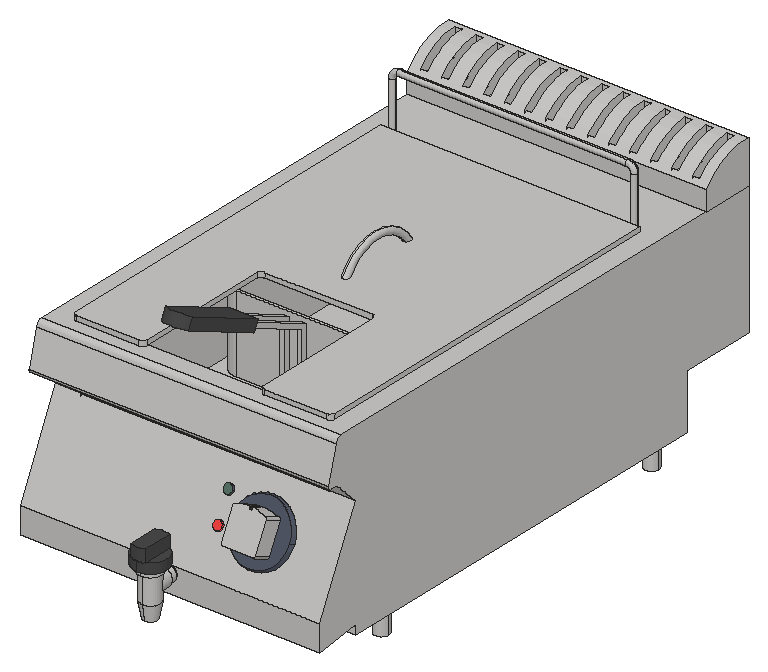
Revit family "QF_ZANUSSI_372075_Z7FRED1B00", category Specialty Equipment, Revit 2018
Family settings
  Round Connector Dimension = Use Diameter
  Part Type = Normal
  Work Plane-Based = No
  Always vertical = Yes
  Cut with Voids When Loaded = No
  Shared = No
  Room Calculation Point = No
Parameters
  Width = 400 mm  # constant formula
  Weight in Pounds = 66  # constant formula
  Weight = 0.00 kg
  Watts = 5400 W  # constant formula
  Volts = 400 V  # constant formula
  URL Manufacturer = "http://www.zanussiprofessional.com"
  URL Cutsheet = "www.electrolux.com/foodservice"
  URL = "http://www.zanussiprofessional.com"
  Type Mark [instance] = ""
  Steam Supply Size = 0"
  Steam Supply Minimum Pressure = 0.00 psi
  Steam Supply Maximum Pressure = 0.00 psi
  Steam Pounds per Hour = 0
  Status [instance] = ""
  Specification by User [instance] = ""
  Specification by Manufacturer = ""
  Show Logo [instance] = yes
  Show Clearance [instance] = yes
  Serial Number = ""
  Seismic Rating = ""
  SMACNA No = ""
  Revision Code [instance] = ""
  Refrigeration Suction Line Size = 0"
  Refrigeration Liquid Line Size = 0"
  Refrigerant Compressor Remote = yes
  Phase = 3  # constant formula
  Omniclass Number and Title = ""
  Number of Poles [instance] = 1
  NAFEM Spec ID Number = ""
  Model = "Z7FRED1B00"
  Min Ckt Ampacity = 0 A
  Max Overcurrent Protection = 0 A
  Masterspec = ""
  Manufacturer = "Zanussi"
  Length Actual = 400 mm  # constant formula
  Item Number [instance] = "372075"
  Installed By [instance] = ""
  Identify Quantity as Lot [instance] = yes
  Hot Water Size = 0"
  Height Actual = 250 mm  # constant formula
  Height = 333 mm  # constant formula
  HP = "7.2 HP"
  Gas Size = 0"
  Gas KW = 0
  Gas Input = 0.0 Btu/h
  Furnished By [instance] = ""
  Foodservice Equipment Identifier [instance] = yes
  FL Amps = if(Phase = 3, Watts / (Volts * 1.73), Watts / Volts)  # 7.80347 A
  Electrical Remarks [instance] = "400 V/3N ph/50/60 Hz"  # constant formula
  Electric Connection Type [instance] = ""
  Elec Conn RI Height [instance] = 0 mm
  Elec Conn Connection Height [instance] = 0 mm
  Direct Waste Size = 0"
  Description = "7 LITRE ELECTRIC FRYER TOP 400 MM"
  Depth Actual = 700 mm  # constant formula
  Depth = 715 mm  # constant formula
  Cycle = if([60 Hertz Option], 60 Hz, 50 Hz)  # 60 Hz
  Conn Plug = ""
  Conn Conduit = yes
  Condensate Return Size = 0"
  Compressed Air Volume = 0 GPM
  Compressed Air Size = 0"
  Compressed Air Pressure = 0.00 psi
  Cold Water Size = 0"
  CSI MasterFormat = ""
  CSI Master Format = ""
  Base Height [instance] = 25 mm  # constant formula
  Apparent Power = if(Phase = 3, Volts * FL Amps * 1.73, Volts * FL Amps)  # 5400 VA
  Accessory = yes
  60 Hertz Option = not([50 Hertz Option])  # yes
  50 Hertz Option = no
Reference planes
  plane 1 "BACK": y = 0
  plane 2: z = 0
  plane 3 "LEFT": x = 0
  plane 4 "RIGHT": x = 400
  plane 5 "FRONT": y = -715
  plane 6 "TOP": z = 333
  plane 7 "Center Y": x = 200
  plane 8 "Center X": y = -357.5
  plane 9 "BASE": z = 25
  plane 10 "TOP A": z = 275
  plane 11: y = -597.884
  plane 12: y = -147.637
Forms (mm)
  Extrusion 1, solid, material "QF_Finishes_Stainless Steel"
    sketch origin (0, 0, 0) x (0, 1, 0) y (0, 0, 1)
      loop
        line (0, 99) -> (0, 275) -> (-679.358, 275)
        arc (-679.358, 275) -> (-684.643, 272.811) -> (-686.833, 267.526) r 7.474
        line (-686.833, 267.526) -> (-699.884, 222.011)
        arc (-699.884, 222.011) -> (-699.396, 219.379) -> (-697, 218.184) r 3
        line (-697, 218.184) -> (-686.802, 218.184) -> (-654.982, 186.364) -> (-715, 65.508) -> (-715, 30.508) -> (-658.645, 38.428)
        arc (-658.645, 38.428) -> (-656.101, 37.674) -> (-655, 35.259) r 3.2
        line (-655, 35.259) -> (-655, 25) -> (-103, 25) -> (-103, 99) -> (0, 99)
    from 0 to 400
  Extrusion 2, solid, material "QF_Finishes_Stainless Steel"
    sketch origin (0, 0, 0) x (0, 1, 0) y (0, 0, 1)
      loop
        line (0, 275) -> (0, 333)
        arc (0, 333) -> (-38.715, 324.821) -> (-69.85, 300.4) r 87.358
        line (-69.85, 300.4) -> (-69.85, 275) -> (0, 275)
    from 0 to 400
  Extrusion 3, void
    sketch origin (0, 0, 275) x (-1, 0, 0) y (0, -1, 0)
      loop
        line (-33.338, 147.762) -> (-33.338, 655.762) -> (-366.662, 655.762) -> (-366.662, 147.762) -> (-33.338, 147.762)
    from 0 to -152.4
  Extrusion 4, solid, material "QF_Finishes_Stainless Steel"
    sketch origin (0, 0, 275) x (-1, 0, 0) y (0, -1, 0)
      loop
        arc (-26.988, 655.762) -> (-28.847, 660.252) -> (-33.338, 662.112) r 6.35
        line (-33.338, 662.112) -> (-115.862, 662.112)
        arc (-115.862, 662.112) -> (-120.353, 660.252) -> (-122.212, 655.762) r 6.35
        line (-122.212, 655.762) -> (-122.212, 473.637)
        arc (-122.212, 473.637) -> (-124.072, 469.146) -> (-128.562, 467.287) r 6.35
        line (-128.562, 467.287) -> (-271.412, 467.287)
        arc (-271.412, 467.287) -> (-275.903, 469.146) -> (-277.762, 473.637) r 6.35
        line (-277.762, 473.637) -> (-277.762, 655.762)
        arc (-277.762, 655.762) -> (-279.622, 660.252) -> (-284.112, 662.112) r 6.35
        line (-284.112, 662.112) -> (-366.662, 662.112)
        arc (-366.662, 662.112) -> (-371.153, 660.252) -> (-373.012, 655.762) r 6.35
        line (-373.012, 655.762) -> (-373.012, 147.762) -> (-26.988, 147.762) -> (-26.988, 655.762)
    from 0 to 6.35
  Sweep 5, solid, material "QF_Finishes_Stainless Steel"
    path origin (200, 0, 0) x (0, 1, 0) y (0, 0, 1)
      loop
        arc (-315.761, 275) -> (-370.2, 308.779) -> (-424.639, 275) r 60.757
    profile origin (200, -370.2, 308.779) x (0, 0, -1) y (1, 0, 0)
      loop
        circle (0, 0) r 4.353
  Sweep 6, solid, material "QF_Finishes_Stainless Steel"
    path origin (0, 0, 0) x (1, 0, 0) y (0, 0, 1)
      loop
        line (39.688, 274.625) -> (39.688, 339.35)
        arc (39.688, 339.35) -> (41.547, 343.84) -> (46.038, 345.7) r 6.35
        line (46.038, 345.7) -> (352.25, 345.7)
        arc (352.25, 345.7) -> (356.74, 343.84) -> (358.6, 339.35) r 6.35
        line (358.6, 339.35) -> (358.6, 274.625)
    profile origin (39.688, 0, 306.987) x (-1, 0, 0) y (0, -1, 0)
      loop
        circle (2.09, 140.754) r 3.827
  Extrusion 7, void
    sketch origin (0, 0, 275) x (-1, 0, 0) y (0, -1, 0)
      loop
        line (-13.453, 6.761) -> (-13.453, 63.911) -> (-22.749, 63.911) -> (-22.749, 6.761) -> (-13.453, 6.761)
    from 25.4 to 63.5
  Extrusion 8, void
    sketch origin (400.05, 0, 275) x (1, 0, 0) y (0, 1, 0)
      loop
        line (-13.503, -6.761) -> (-22.799, -6.761) -> (-22.799, -63.911) -> (-13.503, -63.911) -> (-13.503, -6.761)
    from 25.4 to 63.5
  Extrusion 9, void
    sketch origin (27.988, 0, 275) x (-1, 0, 0) y (0, -1, 0)
      loop
        line (-13.453, 6.761) -> (-13.453, 63.911) -> (-22.749, 63.911) -> (-22.749, 6.761) -> (-13.453, 6.761)
    from 25.4 to 63.5
  Extrusion 10, void
    sketch origin (55.977, 0, 275) x (-1, 0, 0) y (0, -1, 0)
      loop
        line (-13.453, 6.761) -> (-13.453, 63.911) -> (-22.749, 63.911) -> (-22.749, 6.761) -> (-13.453, 6.761)
    from 25.4 to 63.5
  Extrusion 11, void
    sketch origin (83.965, 0, 275) x (-1, 0, 0) y (0, -1, 0)
      loop
        line (-13.428, 6.761) -> (-13.428, 63.911) -> (-22.724, 63.911) -> (-22.724, 6.761) -> (-13.428, 6.761)
    from 25.4 to 63.5
  Extrusion 12, void
    sketch origin (111.953, 0, 275) x (-1, 0, 0) y (0, -1, 0)
      loop
        line (-13.428, 6.761) -> (-13.428, 63.911) -> (-22.724, 63.911) -> (-22.724, 6.761) -> (-13.428, 6.761)
    from 25.4 to 63.5
  Extrusion 13, void
    sketch origin (139.942, 0, 275) x (-1, 0, 0) y (0, -1, 0)
      loop
        line (-13.428, 6.761) -> (-13.428, 63.911) -> (-22.724, 63.911) -> (-22.724, 6.761) -> (-13.428, 6.761)
    from 25.4 to 63.5
  Extrusion 14, void
    sketch origin (167.93, 0, 275) x (-1, 0, 0) y (0, -1, 0)
      loop
        line (-13.428, 6.761) -> (-13.428, 63.911) -> (-22.724, 63.911) -> (-22.724, 6.761) -> (-13.428, 6.761)
    from 25.4 to 63.5
  Extrusion 15, void
    sketch origin (195.918, 0, 275) x (-1, 0, 0) y (0, -1, 0)
      loop
        line (-13.428, 6.761) -> (-13.428, 63.911) -> (-22.724, 63.911) -> (-22.724, 6.761) -> (-13.428, 6.761)
    from 25.4 to 63.5
  Extrusion 16, void
    sketch origin (223.907, 0, 275) x (-1, 0, 0) y (0, -1, 0)
      loop
        line (-13.428, 6.761) -> (-13.428, 63.911) -> (-22.724, 63.911) -> (-22.724, 6.761) -> (-13.428, 6.761)
    from 25.4 to 63.5
  Extrusion 17, void
    sketch origin (251.895, 0, 275) x (-1, 0, 0) y (0, -1, 0)
      loop
        line (-13.428, 6.761) -> (-13.428, 63.911) -> (-22.724, 63.911) -> (-22.724, 6.761) -> (-13.428, 6.761)
    from 25.4 to 63.5
  Extrusion 18, void
    sketch origin (279.884, 0, 275) x (-1, 0, 0) y (0, -1, 0)
      loop
        line (-13.403, 6.761) -> (-13.403, 63.911) -> (-22.699, 63.911) -> (-22.699, 6.761) -> (-13.403, 6.761)
    from 25.4 to 63.5
  Extrusion 19, void
    sketch origin (307.872, 0, 275) x (-1, 0, 0) y (0, -1, 0)
      loop
        line (-13.403, 6.761) -> (-13.403, 63.911) -> (-22.699, 63.911) -> (-22.699, 6.761) -> (-13.403, 6.761)
    from 25.4 to 63.5
  Extrusion 20, void
    sketch origin (335.86, 0, 275) x (-1, 0, 0) y (0, -1, 0)
      loop
        line (-13.403, 6.761) -> (-13.403, 63.911) -> (-22.699, 63.911) -> (-22.699, 6.761) -> (-13.403, 6.761)
    from 25.4 to 63.5
  Extrusion 21, solid, material "QF_Finishes_Stainless Steel"
    sketch origin (0, 0, 0) x (1, 0, 0) y (0, 1, 0)
      loop
        circle (11.112, -147.638) r 9.525
      loop
        circle (11.112, -597.884) r 9.525
      loop
        circle (388.887, -147.638) r 9.525
      loop
        circle (388.887, -597.884) r 9.525
    from 0 to 25
  Revolve 22, solid, material "QF_Finishes_Stainless Steel"
    sketch origin (200.025, 0, 0) x (0, 1, 0) y (0, 0, 1)
      loop
        line (-747.926, 16.877) -> (-738.917, 16.877) -> (-735.301, 37.388) -> (-735.301, 73.729) -> (-732.023, 73.729) -> (-732.023, 81.608) -> (-725.673, 81.608) -> (-725.673, 94.308) -> (-747.926, 94.308) -> (-747.926, 16.877)
      axis (-747.926, 16.877) -> (-747.926, 94.308)
    angle from 0 to 360
  Revolve 23, solid, material "QF_Finishes_Stainless Steel"
    sketch origin (200.025, 0, 0) x (0, 1, 0) y (0, 0, 1)
      loop
        line (-698.522, 56.75) -> (-749.322, 56.75) -> (-749.322, 44.447) -> (-727.357, 44.447) -> (-727.357, 46.149) -> (-718.364, 46.149) -> (-718.364, 48.196) -> (-698.522, 48.196) -> (-698.522, 56.75)
      axis (-749.322, 56.75) -> (-698.522, 56.75)
    angle from 0 to 360
  Extrusion 24, solid, material "QF_Finishes_Black"
    sketch origin (200.025, -747.926, 94.308) x (0, 1, 0) y (-1, 0, 0)
      loop
        line (20.063, 9.626) -> (-20.063, 9.626)
        arc (-20.063, 9.626) -> (-22.253, 0) -> (-20.063, -9.626) r 22.253
        line (-20.063, -9.626) -> (20.063, -9.626)
        arc (20.063, -9.626) -> (22.253, 0) -> (20.063, 9.626) r 22.253
    from 0 to 16.412
  Extrusion 25, solid, material "QF_Finishes_Stainless Steel"
    sketch origin (0, -101.6, 102.788) x (0, 0, -1) y (-1, 0, 0)
      loop
        circle (43.882, -336.5) r 12.7
    from 0 to 12.7
  Extrusion 26, solid, material "QF_Finishes_Clearance", visible <- "Show Clearance", detail levels coarse
    sketch origin (0, 0, 0) x (1, 0, 0) y (0, 1, 0)
      loop
        line (0, -715) -> (0, 0) -> (400, 0) -> (400, -715) -> (550.019, -715) -> (550.019, 150.019) -> (-150.019, 150.019) -> (-150.019, -715) -> (0, -715)
    from 0 to 333
  Extrusion 27, solid, material "QF_Finishes_Black"
    sketch origin (265.962, -708.83, 366.66) x (0, 0.906308, -0.422618) y (-1, 0, 0)
      loop
        line (10.103, 47.345) -> (128.716, 47.345) -> (128.716, 84.58) -> (10.103, 84.58)
        arc (10.103, 84.58) -> (-0.124, 65.962) -> (10.103, 47.345) r 22.059
    from -15.884 to 0
  Extrusion 28, solid, material "QF_Finishes_Stainless Steel"
    sketch origin (265.962, 41.275, 0) x (0, 1, 0) y (0, 0, 1)
      loop
        line (-547.91, 166) -> (-547.91, 267.478) -> (-635.463, 308.305) -> (-638.147, 302.55) -> (-554.26, 263.433) -> (-554.26, 166) -> (-547.91, 166)
    from -80.476 to -74.619
  Extrusion 29, solid, material "QF_Finishes_Stainless Steel"
    sketch origin (134.088, 41.275, 0) x (0, 1, 0) y (0, 0, -1)
      loop
        line (-554.26, -263.433) -> (-638.147, -302.55) -> (-635.463, -308.305) -> (-547.91, -267.478) -> (-547.91, -166) -> (-554.26, -166) -> (-554.26, -263.433)
    from -80.476 to -74.619
  Extrusion 30, solid, material "QF_Finishes_Mesh"
    sketch origin (0, 0, 274.638) x (-1, 0, 0) y (0, -1, 0)
      loop
        arc (-116.6, 189.135) -> (-98.64, 196.575) -> (-91.2, 214.535) r 25.4
        line (-91.2, 214.535) -> (-91.2, 473.61)
        arc (-91.2, 473.61) -> (-98.64, 491.571) -> (-116.6, 499.01) r 25.4
        line (-116.6, 499.01) -> (-294.375, 499.01)
        arc (-294.375, 499.01) -> (-312.336, 491.571) -> (-319.775, 473.61) r 25.4
        line (-319.775, 473.61) -> (-319.775, 214.535)
        arc (-319.775, 214.535) -> (-312.336, 196.575) -> (-294.375, 189.135) r 25.4
        line (-294.375, 189.135) -> (-116.6, 189.135)
      loop
        arc (-116.6, 192.31) -> (-100.885, 198.82) -> (-94.375, 214.535) r 22.225
        line (-94.375, 214.535) -> (-94.375, 473.61)
        arc (-94.375, 473.61) -> (-100.885, 489.326) -> (-116.6, 495.835) r 22.225
        line (-116.6, 495.835) -> (-294.375, 495.835)
        arc (-294.375, 495.835) -> (-310.091, 489.326) -> (-316.6, 473.61) r 22.225
        line (-316.6, 473.61) -> (-316.6, 214.535)
        arc (-316.6, 214.535) -> (-310.091, 198.82) -> (-294.375, 192.31) r 22.225
        line (-294.375, 192.31) -> (-116.6, 192.31)
    from -109 to -5.315
  Blend 31, solid, material "QF_Finishes_Navy Blue"
    base sketch origin (299.362, -684.991, 125.936) x (1, 0, 0) y (0, 0.444781, 0.895639)
      loop
        circle (0, 0) r 42.5
    top sketch origin (299.362, -684.991, 125.936) x (1, 0, 0) y (0, 0.444781, 0.895639)
      loop
        circle (0, 0) r 40.5
    from 0 to 5
  Extrusion 32, solid, material "QF_Finishes_Stainless Steel"
    sketch origin (299.362, -684.991, 125.936) x (1, 0, 0) y (0, 0.444781, 0.895639)
      loop
        arc (-21.147, 22.789) -> (-22.494, 21.685) -> (-23, 20.019) r 2.997
        line (-23, 20.019) -> (-23, -20.019)
        arc (-23, -20.019) -> (-22.122, -22.138) -> (-20.003, -23.016) r 2.997
        line (-20.003, -23.016) -> (20.003, -23.016)
        arc (20.003, -23.016) -> (22.122, -22.138) -> (23, -20.019) r 2.997
        line (23, -20.019) -> (23, 20.019)
        arc (23, 20.019) -> (22.494, 21.685) -> (21.147, 22.789) r 2.997
        arc (21.147, 22.789) -> (0, 26.984) -> (-21.147, 22.789) r 55.4
    from 10 to 34
  Extrusion 33, solid, material "QF_Plastic-Black-Matte"
    sketch origin (379.362, -684.991, 125.936) x (0, 0.444781, 0.895639) y (0, -0.895639, 0.444781)
      loop
        line (26.984, 34) -> (26.984, 19) -> (27.984, 19) -> (27.984, 34)
        arc (27.984, 34) -> (27.691, 34.707) -> (26.984, 35) r 1
        line (26.984, 35) -> (23.984, 35) -> (23.984, 34) -> (26.984, 34)
    from -81 to -79
  Extrusion 34, solid, material "QF_Finishes_Red"
    sketch origin (299.362, -689.439, 116.98) x (1, 0, 0) y (0, 0.444781, 0.895639)
      loop
        circle (-55.001, 0) r 6
    from 0 to 1.6
  Extrusion 35, solid, material "QF_Finishes_Stainless Steel"
    sketch origin (299.362, -684.991, 125.936) x (1, 0, 0) y (0, 0.444781, 0.895639)
      loop
        line (17.5, 17.5) -> (-17.5, 17.5) -> (-17.5, -17.5) -> (17.5, -17.5) -> (17.5, 17.5)
    from 5 to 10
  Extrusion 36, solid, material "QF_Finishes_DarkGreen"
    sketch origin (299.362, -671.648, 152.805) x (1, 0, 0) y (0, 0.444781, 0.895639)
      loop
        circle (-55.001, 0) r 6
    from 0 to 1.6
Cuts and joins
  Extrusion 3, Extrusion 7 cuts Extrusion 1
  joined: Extrusion 4, Sweep 5
  Extrusion 7, Extrusion 8, Extrusion 9, Extrusion 10, Extrusion 11, Extrusion 12, Extrusion 13, Extrusion 14, Extrusion 15, Extrusion 16, Extrusion 17, Extrusion 18, Extrusion 19, Extrusion 20 cuts Extrusion 2
Lines and regions (mm)
  Split face 1
    outline origin (301.026, -684.796, 137.57) x (1, 0, 0) y (0, 0.444781, 0.895639)
      loop
        circle (-34, 0) r 1.5
  Split face 2
    outline origin (297.659, -687.581, 131.962) x (1, 0, 0) y (0, 0.444781, 0.895639)
      loop
        circle (-30.633, -14.752) r 1.5
  Split face 3
    outline origin (300.576, -689.88, 127.332) x (1, 0, 0) y (0, 0.444781, 0.895639)
      loop
        circle (-21.199, -26.582) r 1.5
  Split face 4
    outline origin (306.928, -689.848, 127.397) x (1, 0, 0) y (0, 0.444781, 0.895639)
      loop
        circle (-7.566, -33.148) r 1.5
  Split face 5
    outline origin (311.781, -686.96, 133.212) x (1, 0, 0) y (0, 0.444781, 0.895639)
      loop
        circle (7.566, -33.148) r 1.5
  Split face 6
    outline origin (310.499, -682.319, 142.558) x (1, 0, 0) y (0, 0.444781, 0.895639)
      loop
        circle (21.199, -26.582) r 1.5
  Split face 7
    outline origin (300.862, -678.264, 150.724) x (1, 0, 0) y (0, 0.444781, 0.895639)
      loop
        circle (30.633, -14.752) r 1.5
  Split face 8
    outline origin (285.347, -677.235, 152.796) x (1, 0, 0) y (0, 0.444781, 0.895639)
      loop
        circle (34, 0) r 1.5
  Split face 9
    outline origin (299.362, -689.469, 128.16) x (1, 0, 0) y (0, 0.444781, 0.895639)
      loop
        circle (0, 33.561) r 1.5
  symbolic lines, style "QF-Clearances", visible <- "Show Clearance", detail levels coarse
    curve 1: line (-150.019, 150.019, 275) -> (-150.019, -716.377, 275)
    curve 2: line (550.019, 150.019, 275) -> (-150.019, 150.019, 275)
    curve 3: line (550.019, -716.377, 275) -> (550.019, 150.019, 275)
  symbolic lines
    curve 4: line (0, 0, 275) -> (400, 0, 275)
    curve 5: line (0, -715, 275) -> (0, 0, 275)
    curve 6: line (400, 0, 275) -> (400, -715, 275)
    curve 7: line (22.724, -6.761, 275) -> (22.724, -63.911, 275)
    curve 8: line (22.724, -63.911, 275) -> (13.428, -63.911, 275)
    curve 9: line (13.428, -63.911, 275) -> (13.428, -6.761, 275)
    curve 10: line (13.428, -6.761, 275) -> (22.724, -6.761, 275)
    curve 11: line (386.547, -6.761, 275) -> (386.547, -63.911, 275)
    curve 12: line (386.547, -63.911, 275) -> (377.251, -63.911, 275)
    curve 13: line (377.251, -63.911, 275) -> (377.251, -6.761, 275)
    curve 14: line (377.251, -6.761, 275) -> (386.547, -6.761, 275)
    curve 15: line (50.712, -6.761, 275) -> (50.712, -63.911, 275)
    curve 16: line (50.712, -63.911, 275) -> (41.416, -63.911, 275)
    curve 17: line (41.416, -63.911, 275) -> (41.416, -6.761, 275)
    curve 18: line (41.416, -6.761, 275) -> (50.712, -6.761, 275)
    curve 19: line (78.7, -6.761, 275) -> (78.7, -63.911, 275)
    curve 20: line (78.7, -63.911, 275) -> (69.405, -63.911, 275)
    curve 21: line (69.405, -63.911, 275) -> (69.405, -6.761, 275)
    curve 22: line (69.405, -6.761, 275) -> (78.7, -6.761, 275)
    curve 23: line (106.689, -6.761, 275) -> (106.689, -63.911, 275)
    curve 24: line (106.689, -63.911, 275) -> (97.393, -63.911, 275)
    curve 25: line (97.393, -63.911, 275) -> (97.393, -6.761, 275)
    curve 26: line (97.393, -6.761, 275) -> (106.689, -6.761, 275)
    curve 27: line (134.677, -6.761, 275) -> (134.677, -63.911, 275)
    curve 28: line (134.677, -63.911, 275) -> (125.381, -63.911, 275)
    curve 29: line (125.381, -63.911, 275) -> (125.381, -6.761, 275)
    curve 30: line (125.381, -6.761, 275) -> (134.677, -6.761, 275)
    curve 31: line (162.665, -6.761, 275) -> (162.665, -63.911, 275)
    curve 32: line (162.665, -63.911, 275) -> (153.37, -63.911, 275)
    curve 33: line (153.37, -63.911, 275) -> (153.37, -6.761, 275)
    curve 34: line (153.37, -6.761, 275) -> (162.665, -6.761, 275)
    curve 35: line (190.654, -6.761, 275) -> (190.654, -63.911, 275)
    curve 36: line (190.654, -63.911, 275) -> (181.358, -63.911, 275)
    curve 37: line (181.358, -63.911, 275) -> (181.358, -6.761, 275)
    curve 38: line (181.358, -6.761, 275) -> (190.654, -6.761, 275)
    curve 39: line (218.642, -6.761, 275) -> (218.642, -63.911, 275)
    curve 40: line (218.642, -63.911, 275) -> (209.346, -63.911, 275)
    curve 41: line (209.346, -63.911, 275) -> (209.346, -6.761, 275)
    curve 42: line (209.346, -6.761, 275) -> (218.642, -6.761, 275)
    curve 43: line (246.605, -6.761, 275) -> (246.605, -63.911, 275)
    curve 44: line (246.605, -63.911, 275) -> (237.31, -63.911, 275)
    curve 45: line (237.31, -63.911, 275) -> (237.31, -6.761, 275)
    curve 46: line (237.31, -6.761, 275) -> (246.605, -6.761, 275)
    curve 47: line (274.594, -6.761, 275) -> (274.594, -63.911, 275)
    curve 48: line (274.594, -63.911, 275) -> (265.298, -63.911, 275)
    curve 49: line (265.298, -63.911, 275) -> (265.298, -6.761, 275)
    curve 50: line (265.298, -6.761, 275) -> (274.594, -6.761, 275)
    curve 51: line (302.582, -6.761, 275) -> (302.582, -63.911, 275)
    curve 52: line (302.582, -63.911, 275) -> (293.286, -63.911, 275)
    curve 53: line (293.286, -63.911, 275) -> (293.286, -6.761, 275)
    curve 54: line (293.286, -6.761, 275) -> (302.582, -6.761, 275)
    curve 55: line (330.57, -6.761, 275) -> (330.57, -63.911, 275)
    curve 56: line (330.57, -63.911, 275) -> (321.275, -63.911, 275)
    curve 57: line (321.275, -63.911, 275) -> (321.275, -6.761, 275)
    curve 58: line (321.275, -6.761, 275) -> (330.57, -6.761, 275)
    curve 59: line (358.559, -6.761, 275) -> (358.559, -63.911, 275)
    curve 60: line (358.559, -63.911, 275) -> (349.263, -63.911, 275)
    curve 61: line (349.263, -63.911, 275) -> (349.263, -6.761, 275)
    curve 62: line (349.263, -6.761, 275) -> (358.559, -6.761, 275)
    curve 63: line (26.988, -147.762, 275) -> (26.988, -655.762, 275)
    curve 64: arc (26.988, -655.762, 275) -> (28.847, -660.252, 275) -> (33.338, -662.112, 275) r 6.35
    curve 65: line (33.338, -662.112, 275) -> (115.863, -662.112, 275)
    curve 66: arc (115.863, -662.112, 275) -> (120.353, -660.252, 275) -> (122.213, -655.762, 275) r 6.35
    curve 67: line (122.213, -655.762, 275) -> (122.213, -473.512, 275)
    curve 68: arc (122.212, -473.512, 275) -> (124.072, -469.021, 275) -> (128.562, -467.162, 275) r 6.35
    curve 69: line (128.562, -467.162, 275) -> (271.412, -467.162, 275)
    curve 70: arc (271.412, -467.162, 275) -> (275.903, -469.021, 275) -> (277.762, -473.512, 275) r 6.35
    curve 71: line (277.762, -473.512, 275) -> (277.762, -655.762, 275)
    curve 72: arc (277.762, -655.762, 275) -> (279.622, -660.252, 275) -> (284.112, -662.112, 275) r 6.35
    curve 73: line (284.112, -662.112, 275) -> (366.662, -662.112, 275)
    curve 74: arc (366.662, -662.112, 275) -> (371.153, -660.252, 275) -> (373.012, -655.762, 275) r 6.35
    curve 75: line (373.012, -655.762, 275) -> (373.012, -147.762, 275)
    curve 76: line (373.012, -147.762, 275) -> (26.988, -147.762, 275)
    curve 77: line (31.725, -69.85, 275) -> (0, -69.85, 275)
    curve 78: line (0, -69.85, 275) -> (0, -120.65, 275)
    curve 79: line (0, -69.85, 275) -> (400, -69.85, 275)
    curve 80: line (201.587, -147.762, 275) -> (366.662, -147.762, 275)
    curve 81: line (33.338, -147.762, 275) -> (198.412, -147.762, 275)
    curve 82: line (218.617, -706.386, 275) -> (218.617, -592.174, 275)
    curve 83: line (181.383, -592.174, 275) -> (181.383, -706.386, 275)
    curve 84: line (218.617, -592.174, 275) -> (181.383, -592.174, 275)
    curve 85: spline (218.617, -706.386, 275) -> (216.385, -709.048, 275) -> (213.694, -711.336, 275) -> (210.621, -713.185, 275) -> (207.25, -714.544, 275) -> (203.676, -715.375, 275) -> (200, -715.655, 275) -> (196.324, -715.375, 275) -> (192.75, -714.544, 275) -> (189.379, -713.185, 275) -> (186.306, -711.336, 275) -> (183.615, -709.048, 275) -> (181.383, -706.386, 275)
    curve 86: line (218.617, -655.762, 275) -> (277.762, -655.762, 275)
    curve 87: line (181.383, -655.762, 275) -> (122.213, -655.762, 275)
    curve 88: line (191.318, -499.01, 275) -> (191.318, -592.174, 275)
    curve 89: line (185.462, -592.174, 275) -> (185.462, -499.01, 275)
    curve 90: line (214.538, -499.01, 275) -> (214.538, -592.174, 275)
    curve 91: line (208.682, -592.174, 275) -> (208.682, -499.01, 275)
    curve 92: spline (181.383, -699.673, 275) -> (183.615, -702.336, 275) -> (186.306, -704.623, 275) -> (189.379, -706.473, 275) -> (192.75, -707.832, 275) -> (196.324, -708.663, 275) -> (200, -708.942, 275) -> (203.676, -708.663, 275) -> (207.25, -707.832, 275) -> (210.621, -706.473, 275) -> (213.694, -704.623, 275) -> (216.385, -702.336, 275) -> (218.617, -699.673, 275)
    curve 93: line (195.545, -420.932, 275) -> (195.545, -319.469, 275)
    curve 94: line (204.443, -319.469, 275) -> (204.443, -420.932, 275)
    curve 95: arc (195.545, -420.932, 275) -> (199.994, -425.382, 275) -> (204.443, -420.932, 275) r 4.449
    curve 96: arc (195.545, -319.469, 275) -> (199.994, -315.02, 275) -> (204.443, -319.469, 275) r 4.449
    curve 97: line (400, -715, 275) -> (322.362, -715, 275)
    curve 98: line (37.598, -136.927, 275) -> (362.402, -136.927, 275)
    curve 99: line (37.598, -144.582, 275) -> (37.598, -136.927, 275)
    curve 100: line (362.402, -144.582, 275) -> (37.598, -144.582, 275)
    curve 101: line (362.402, -136.927, 275) -> (362.402, -144.582, 275)
    curve 102: line (122.213, -499.01, 275) -> (277.762, -499.01, 275)
    curve 103: line (122.213, -495.835, 275) -> (277.762, -495.835, 275)
    curve 104: arc (200, -770.179, 275) -> (222.253, -747.926, 275) -> (200, -725.673, 275) r 22.253
    curve 105: arc (200, -725.673, 275) -> (177.747, -747.926, 275) -> (200, -770.179, 275) r 22.253
    curve 106: line (190.374, -727.863, 275) -> (190.374, -767.989, 275)
    curve 107: line (209.626, -767.989, 275) -> (209.626, -727.863, 275)
    curve 108: line (210.947, -728.552, 275) -> (210.947, -715, 275)
    curve 109: line (189.208, -728.465, 275) -> (189.208, -715, 275)
    curve 110: line (276.362, -700, 0) -> (276.362, -724.347, 0)
    curve 111: arc (276.362, -724.347, 0) -> (276.508, -724.811, 0) -> (276.894, -725.107, 0) r 0.809
    curve 112: arc (276.894, -725.107, 0) -> (278.082, -725.587, 0) -> (279.359, -725.68, 0) r 4.127
    curve 113: arc (276.362, -704.292, 0) -> (271.321, -702.458, 0) -> (266.553, -700, 0) r 42.24
    curve 114: arc (276.362, -706.539, 0) -> (276.864, -705.818, 0) -> (277.661, -705.448, 0) r 1.682
    curve 115: arc (277.661, -705.448, 0) -> (287.964, -703.95, 0) -> (298.362, -703.441, 0) r 109.079
    curve 116: line (298.362, -700, 0) -> (298.362, -705.671, 0)
    curve 117: line (298.362, -705.671, 0) -> (300.362, -705.671, 0)
    curve 118: line (300.362, -705.671, 0) -> (300.362, -700, 0)
    curve 119: line (322.362, -700, 0) -> (322.362, -724.347, 0)
    curve 120: arc (322.362, -724.347, 0) -> (322.216, -724.811, 0) -> (321.83, -725.107, 0) r 0.809
    curve 121: arc (321.83, -725.107, 0) -> (320.642, -725.587, 0) -> (319.365, -725.68, 0) r 4.127
    curve 122: arc (322.362, -704.292, 0) -> (327.403, -702.458, 0) -> (332.171, -700, 0) r 42.24
    curve 123: arc (322.362, -706.539, 0) -> (321.86, -705.818, 0) -> (321.062, -705.448, 0) r 1.682
    curve 124: arc (321.062, -705.448, 0) -> (310.76, -703.95, 0) -> (300.362, -703.441, 0) r 109.079
    curve 125: line (279.359, -725.68, 0) -> (319.365, -725.68, 0)
    curve 126: line (276.362, -715, 275) -> (205.6, -715, 275)
    curve 127: line (194.4, -715, 275) -> (0, -715, 275)
    curve 128: line (400, -700, 275) -> (218.617, -700, 275)
    curve 129: line (181.383, -700, 275) -> (0, -700, 275)
Dimensions and locks
  equal spacing: plane 3 "LEFT", plane 7 "Center Y", plane 4 "RIGHT"
  "Width": plane 3 "LEFT" to plane 4 "RIGHT"
  equal spacing: plane 5 "FRONT", plane 8 "Center X", plane 1 "BACK"
  "Depth": plane 5 "FRONT" to plane 1 "BACK"
  "Height": plane 6 "TOP" to level
  "Base Height": plane 9 "BASE" to level
  plane 1 "BACK" to plane 5 "FRONT" = 715 mm
  plane 10 "TOP A" to plane 9 "BASE" = 250 mm
  aligned and locked: level to plane 2
  aligned and locked: plane 4 "RIGHT" to Extrusion 1
  aligned and locked: plane 4 "RIGHT" to Extrusion 2
  aligned and locked: plane 9 "BASE" to Extrusion 21
  aligned and locked: plane 6 "TOP" to Extrusion 26
Automatic sketch dimensions
  Sweep 5 sketch curve to plane 10 "TOP A" = 0 mm  (x2)
  Sweep 5 sketch curve to plane 8 "Center X" = 67.139 mm
  Sweep 5 sketch curve to plane 8 "Center X" = 12.7 mm
  Sweep 5 sketch curve to plane 10 "TOP A" = 26.978 mm
  Sweep 5 sketch curve to plane 7 "Center Y" = 0 mm
  Sweep 5 sketch curve to profile plane = 0 mm
  plane 1 "BACK" to Extrusion 7 sketch curve = 6.761 mm
  plane 3 "LEFT" to Extrusion 7 sketch curve = 22.749 mm
  Extrusion 7 sketch curve to Extrusion 7 sketch curve = 9.296 mm
  Extrusion 7 sketch curve to Extrusion 7 sketch curve = 57.15 mm
  plane 1 "BACK" to Extrusion 9 sketch curve = 6.761 mm
  plane 3 "LEFT" to Extrusion 9 sketch curve = 50.737 mm
  Extrusion 9 sketch curve to Extrusion 9 sketch curve = 9.296 mm
  Extrusion 9 sketch curve to Extrusion 9 sketch curve = 57.15 mm
  plane 1 "BACK" to Extrusion 10 sketch curve = 6.761 mm
  plane 3 "LEFT" to Extrusion 10 sketch curve = 78.725 mm
  Extrusion 10 sketch curve to Extrusion 10 sketch curve = 9.296 mm
  Extrusion 10 sketch curve to Extrusion 10 sketch curve = 57.15 mm
  plane 1 "BACK" to Extrusion 11 sketch curve = 6.761 mm
  Extrusion 11 sketch curve to plane 7 "Center Y" = 93.311 mm
  Extrusion 11 sketch curve to Extrusion 11 sketch curve = 9.296 mm
  Extrusion 11 sketch curve to Extrusion 11 sketch curve = 57.15 mm
  plane 1 "BACK" to Extrusion 12 sketch curve = 6.761 mm
  Extrusion 12 sketch curve to plane 7 "Center Y" = 65.323 mm
  Extrusion 12 sketch curve to Extrusion 12 sketch curve = 9.296 mm
  Extrusion 12 sketch curve to Extrusion 12 sketch curve = 57.15 mm
  plane 1 "BACK" to Extrusion 13 sketch curve = 6.761 mm
  Extrusion 13 sketch curve to plane 7 "Center Y" = 37.335 mm
  Extrusion 13 sketch curve to Extrusion 13 sketch curve = 9.296 mm
  Extrusion 13 sketch curve to Extrusion 13 sketch curve = 57.15 mm
  Extrusion 14 sketch curve to plane 7 "Center Y" = 9.346 mm
  Extrusion 14 sketch curve to Extrusion 14 sketch curve = 9.296 mm
  plane 1 "BACK" to Extrusion 14 sketch curve = 6.761 mm
  Extrusion 14 sketch curve to Extrusion 14 sketch curve = 57.15 mm
  plane 1 "BACK" to Extrusion 15 sketch curve = 6.761 mm
  plane 7 "Center Y" to Extrusion 15 sketch curve = 18.642 mm
  Extrusion 15 sketch curve to Extrusion 15 sketch curve = 9.296 mm
  Extrusion 15 sketch curve to Extrusion 15 sketch curve = 57.15 mm
  plane 1 "BACK" to Extrusion 16 sketch curve = 6.761 mm
  plane 7 "Center Y" to Extrusion 16 sketch curve = 46.63 mm
  Extrusion 16 sketch curve to Extrusion 16 sketch curve = 9.296 mm
  Extrusion 16 sketch curve to Extrusion 16 sketch curve = 57.15 mm
  plane 1 "BACK" to Extrusion 17 sketch curve = 6.761 mm
  plane 7 "Center Y" to Extrusion 17 sketch curve = 74.619 mm
  Extrusion 17 sketch curve to Extrusion 17 sketch curve = 9.296 mm
  Extrusion 17 sketch curve to Extrusion 17 sketch curve = 57.15 mm
  Extrusion 27 sketch curve to plane 7 "Center Y" = 0 mm
  plane 7 "Center Y" to Extrusion 27 sketch curve = 18.617 mm
  Extrusion 27 sketch curve to plane 7 "Center Y" = 18.617 mm
  Extrusion 27 sketch curve to Extrusion 27 sketch curve = 11.832 mm
  Extrusion 27 sketch curve to Extrusion 27 sketch curve = 106.78 mm
  Extrusion 28 sketch curve to plane 11 = 1.013 mm
  Extrusion 28 sketch curve to plane 11 = 3.696 mm
  Extrusion 28 sketch curve to plane 10 "TOP A" = 11.567 mm
  Extrusion 28 sketch curve to plane 11 = 84.899 mm
  Extrusion 28 sketch curve to plane 10 "TOP A" = 7.522 mm
  Extrusion 28 sketch curve to Extrusion 28 sketch curve = 6.35 mm
  Extrusion 28 sketch curve to Extrusion 28 sketch curve = 97.432 mm
  Extrusion 29 sketch curve to plane 11 = 1.013 mm
  Extrusion 29 sketch curve to plane 11 = 3.696 mm
  Extrusion 29 sketch curve to plane 10 "TOP A" = 11.567 mm
  Extrusion 29 sketch curve to plane 11 = 84.899 mm
  Extrusion 29 sketch curve to Extrusion 29 sketch curve = 6.35 mm
  Extrusion 29 sketch curve to plane 10 "TOP A" = 7.522 mm
  Extrusion 29 sketch curve to Extrusion 29 sketch curve = 97.432 mm
  plane 3 "LEFT" to Blend 31 sketch curve = 299.362 mm  (x2)
  plane 3 "LEFT" to Extrusion 32 sketch curve = 276.362 mm
  Extrusion 32 sketch curve to Extrusion 32 sketch curve = 2.997 mm  (x3)
  Extrusion 32 sketch curve to Extrusion 32 sketch curve = 20.003 mm  (x2)
  Extrusion 32 sketch curve to Extrusion 32 sketch curve = 40.005 mm
  Extrusion 32 sketch curve to Extrusion 32 sketch curve = 5.399 mm
  Extrusion 32 sketch curve to Extrusion 32 sketch curve = 40.037 mm
  Extrusion 32 sketch curve to Extrusion 32 sketch curve = 0 mm  (x2)
  plane 3 "LEFT" to Extrusion 34 sketch curve = 244.361 mm
  plane 3 "LEFT" to Extrusion 35 sketch curve = 281.862 mm
  Extrusion 35 sketch curve to Extrusion 35 sketch curve = 35 mm  (x2)
  plane 3 "LEFT" to Extrusion 36 sketch curve = 244.361 mm
  plane 7 "Center Y" to curve 111 = 77.171 mm
  curve 111 to curve 114 = 0.774 mm
  curve 111 to curve 112 = 1.846 mm
  curve 114 to curve 113 = 10.309 mm
  plane 7 "Center Y" to curve 115 = 98.493 mm
  curve 115 to curve 124 = 1.738 mm
  curve 113 to curve 122 = 22.215 mm
  curve 112 to curve 121 = 40.691 mm
  curve 121 to curve 123 = 1.071 mm
  plane 5 "FRONT" to curve 115 = 97.519 mm
  curve 115 to curve 124 = 0 mm
  curve 115 to curve 111 = 88.173 mm
  curve 111 to curve 120 = 0 mm
  curve 112 to curve 114 = 14.462 mm
  curve 121 to curve 123 = 14.462 mm
  curve 114 to curve 113 = 43.345 mm
  curve 113 to curve 122 = 0 mm
  curve 112 to curve 111 = 0.277 mm
  curve 110 to curve 114 = 1.583 mm
  curve 113 to curve 110 = 9.809 mm
  curve 115 to curve 114 = 0.284 mm
  curve 112 to curve 125 = 2.465 mm
  curve 114 to curve 115 = 20.417 mm
  curve 116 to curve 118 = 2 mm
  curve 121 to curve 120 = 2.189 mm
  curve 123 to curve 124 = 0.284 mm
  curve 120 to curve 120 = 0.277 mm
  curve 120 to curve 120 = 0.809 mm
  curve 124 to curve 122 = 1.299 mm
  curve 119 to curve 122 = 9.809 mm
  curve 125 to curve 120 = 0.573 mm
  curve 123 to curve 123 = 0.567 mm
  curve 114 to curve 114 = 0.567 mm
  curve 114 to curve 117 = 1.435 mm
  curve 115 to curve 113 = 1.156 mm
  curve 124 to curve 122 = 1.156 mm
  curve 124 to curve 118 = 3.441 mm
  curve 116 to curve 118 = 0 mm
  curve 122 to curve 119 = 4.292 mm
  curve 113 to curve 110 = 4.292 mm
  Extrusion 1 sketch curve to plane 5 "FRONT" = 0 mm
  Extrusion 1 sketch curve to plane 10 "TOP A" = 0 mm
  Extrusion 1 sketch curve to plane 9 "BASE" = 0 mm
  Extrusion 1 sketch curve to plane 1 "BACK" = 0 mm
  Extrusion 1 sketch curve to plane 5 "FRONT" = 15.116 mm
  Extrusion 1 sketch curve to Extrusion 1 sketch curve = 2.884 mm
  Extrusion 1 sketch curve to plane 10 "TOP A" = 7.474 mm
  Extrusion 1 sketch curve to plane 5 "FRONT" = 28.167 mm
  Extrusion 1 sketch curve to Extrusion 1 sketch curve = 10.198 mm
  plane 9 "BASE" to Extrusion 1 sketch curve = 13.428 mm
  Extrusion 1 sketch curve to plane 5 "FRONT" = 56.355 mm
  Extrusion 1 sketch curve to Extrusion 1 sketch curve = 0.445 mm
  Extrusion 1 sketch curve to Extrusion 1 sketch curve = 3.2 mm
  Extrusion 1 sketch curve to Extrusion 1 sketch curve = 31.82 mm
  Extrusion 1 sketch curve to plane 12 = 44.638 mm
  plane 9 "BASE" to Extrusion 1 sketch curve = 5.508 mm
  Extrusion 1 sketch curve to Extrusion 1 sketch curve = 35 mm
  Extrusion 1 sketch curve to Extrusion 1 sketch curve = 74 mm
  Extrusion 1 sketch curve to Extrusion 1 sketch curve = 81.162 mm
  Extrusion 1 sketch curve to Extrusion 1 sketch curve = 49.342 mm
  Extrusion 1 sketch curve to Extrusion 1 sketch curve = 3 mm
  Extrusion 2 sketch curve to plane 10 "TOP A" = 0 mm
  Extrusion 2 sketch curve to plane 1 "BACK" = 0 mm
  Extrusion 2 sketch curve to plane 6 "TOP" = 0 mm
  plane 1 "BACK" to Extrusion 2 sketch curve = 1.769 mm
  plane 10 "TOP A" to Extrusion 2 sketch curve = 25.4 mm
  plane 1 "BACK" to Extrusion 2 sketch curve = 69.85 mm
  plane 12 to Extrusion 3 sketch curve = 0.124 mm
  Extrusion 3 sketch curve to plane 4 "RIGHT" = 33.338 mm
  plane 3 "LEFT" to Extrusion 3 sketch curve = 33.338 mm
  plane 11 to Extrusion 3 sketch curve = 57.877 mm
  plane 12 to Extrusion 4 sketch curve = 0.124 mm
  Extrusion 4 sketch curve to plane 4 "RIGHT" = 26.988 mm
  Extrusion 4 sketch curve to Extrusion 4 sketch curve = 6.35 mm  (x3)
  Extrusion 4 sketch curve to Extrusion 4 sketch curve = 82.55 mm
  plane 7 "Center Y" to Extrusion 4 sketch curve = 77.762 mm
  Extrusion 4 sketch curve to plane 7 "Center Y" = 71.437 mm
  Extrusion 4 sketch curve to plane 7 "Center Y" = 77.787 mm
  plane 3 "LEFT" to Extrusion 4 sketch curve = 33.338 mm
  plane 3 "LEFT" to Extrusion 4 sketch curve = 26.988 mm
  Extrusion 4 sketch curve to plane 8 "Center X" = 109.787 mm
  plane 11 to Extrusion 4 sketch curve = 57.877 mm  (x2)
  plane 6 "TOP" to Sweep 6 sketch curve = 6.35 mm  (x2)
  plane 3 "LEFT" to Sweep 6 sketch curve = 39.688 mm
  Sweep 6 sketch curve to Sweep 6 sketch curve = 6.35 mm
  Sweep 6 sketch curve to plane 4 "RIGHT" = 47.75 mm
  Sweep 6 sketch curve to plane 10 "TOP A" = 0.375 mm  (x2)
  Sweep 6 sketch curve to profile plane = 2.09 mm
  plane 1 "BACK" to Sweep 6 sketch curve = 140.754 mm
  Extrusion 8 sketch curve to plane 1 "BACK" = 6.761 mm
  plane 4 "RIGHT" to Extrusion 8 sketch curve = 22.749 mm
  Extrusion 8 sketch curve to Extrusion 8 sketch curve = 9.296 mm
  Extrusion 8 sketch curve to Extrusion 8 sketch curve = 57.15 mm
  plane 1 "BACK" to Extrusion 18 sketch curve = 6.761 mm
  Extrusion 18 sketch curve to plane 4 "RIGHT" = 97.418 mm
  Extrusion 18 sketch curve to Extrusion 18 sketch curve = 9.296 mm
  Extrusion 18 sketch curve to Extrusion 18 sketch curve = 57.15 mm
  plane 1 "BACK" to Extrusion 19 sketch curve = 6.761 mm
  Extrusion 19 sketch curve to plane 4 "RIGHT" = 69.43 mm
  Extrusion 19 sketch curve to Extrusion 19 sketch curve = 9.296 mm
  Extrusion 19 sketch curve to Extrusion 19 sketch curve = 57.15 mm
  plane 1 "BACK" to Extrusion 20 sketch curve = 6.761 mm
  Extrusion 20 sketch curve to plane 4 "RIGHT" = 41.441 mm
  Extrusion 20 sketch curve to Extrusion 20 sketch curve = 9.296 mm
  Extrusion 20 sketch curve to Extrusion 20 sketch curve = 57.15 mm
  plane 11 to Extrusion 21 sketch curve = 0 mm  (x2)
  plane 12 to Extrusion 21 sketch curve = 0 mm  (x2)
  plane 3 "LEFT" to Extrusion 21 sketch curve = 11.112 mm  (x2)
  Extrusion 21 sketch curve to plane 4 "RIGHT" = 11.113 mm  (x2)
  Revolve 22 sketch curve to plane 9 "BASE" = 8.123 mm
  plane 5 "FRONT" to Revolve 22 sketch curve = 32.926 mm
  Revolve 22 sketch curve to Revolve 22 sketch curve = 9.009 mm
  plane 5 "FRONT" to Revolve 22 sketch curve = 20.301 mm
  Revolve 22 sketch curve to Revolve 22 sketch curve = 3.277 mm
  Revolve 22 sketch curve to Revolve 22 sketch curve = 6.35 mm
  plane 9 "BASE" to Revolve 22 sketch curve = 12.388 mm
  Revolve 22 sketch curve to Revolve 22 sketch curve = 36.341 mm
  Revolve 22 sketch curve to Revolve 22 sketch curve = 7.879 mm
  Revolve 22 sketch curve to Revolve 22 sketch curve = 12.7 mm  (x2)
  Revolve 22 sketch curve to Revolve 22 sketch curve = 0 mm
  Revolve 22 sketch curve to Revolve 22 sketch curve = 15.064 mm
  plane 5 "FRONT" to Revolve 23 sketch curve = 34.322 mm
  plane 5 "FRONT" to Revolve 23 sketch curve = 12.357 mm
  plane 5 "FRONT" to Revolve 23 sketch curve = 3.364 mm
  Revolve 23 sketch curve to plane 5 "FRONT" = 16.478 mm
  plane 9 "BASE" to Revolve 23 sketch curve = 19.447 mm
  Revolve 23 sketch curve to Revolve 23 sketch curve = 1.702 mm
  Revolve 23 sketch curve to Revolve 23 sketch curve = 2.047 mm
  Revolve 23 sketch curve to Revolve 23 sketch curve = 12.303 mm
  Revolve 23 sketch curve to Revolve 23 sketch curve = 0 mm  (x2)
  Revolve 23 sketch curve to Revolve 23 sketch curve = 9.137 mm
  Revolve 22 to Extrusion 24 sketch curve = 9.626 mm
  Extrusion 24 sketch curve to Revolve 22 = 9.626 mm
  Extrusion 24 sketch curve to Extrusion 24 sketch curve = 0 mm
  plane 9 "BASE" to Extrusion 25 sketch curve = 33.906 mm
  Extrusion 25 sketch curve to plane 4 "RIGHT" = 63.5 mm
  plane 5 "FRONT" to Extrusion 26 sketch curve = 0 mm  (x2)
  plane 1 "BACK" to Extrusion 26 sketch curve = 0 mm
  Extrusion 26 sketch curve to plane 3 "LEFT" = 0 mm
  Extrusion 26 sketch curve to plane 4 "RIGHT" = 0 mm
  Extrusion 26 sketch curve to plane 3 "LEFT" = 150.019 mm
  plane 4 "RIGHT" to Extrusion 26 sketch curve = 150.019 mm
  Extrusion 26 sketch curve to plane 1 "BACK" = 150.019 mm
  Extrusion 30 sketch curve to Extrusion 30 sketch curve = 0 mm  (x8)
  Extrusion 30 sketch curve to plane 4 "RIGHT" = 80.225 mm
  Extrusion 30 sketch curve to Extrusion 30 sketch curve = 3.175 mm
  Extrusion 30 sketch curve to Extrusion 30 sketch curve = 22.225 mm  (x3)
  plane 12 to Extrusion 30 sketch curve = 44.673 mm
  Extrusion 30 sketch curve to plane 7 "Center Y" = 83.4 mm  (x2)
  Extrusion 30 sketch curve to plane 8 "Center X" = 116.11 mm
  Extrusion 33 sketch curve to plane 5 "FRONT" = 9.329 mm
  Extrusion 33 sketch curve to plane 10 "TOP A" = 112.016 mm
  Extrusion 33 sketch curve to Extrusion 33 sketch curve = 3 mm
  Extrusion 33 sketch curve to Extrusion 33 sketch curve = 0 mm  (x2)
  Extrusion 33 sketch curve to Extrusion 33 sketch curve = 1 mm
  Extrusion 33 sketch curve to Extrusion 33 sketch curve = 15 mm
  curve 6 to plane 4 "RIGHT" = 0 mm
  plane 5 "FRONT" to curve 97 = 0 mm
  plane 5 "FRONT" to curve 126 = 0 mm
  curve 104 to plane 7 "Center Y" = 0 mm
  curve 85 to plane 7 "Center Y" = 0 mm
  curve 92 to plane 7 "Center Y" = 0 mm
  plane 5 "FRONT" to curve 127 = 0 mm
  plane 1 "BACK" to curve 5 = 0 mm
  curve 5 to plane 3 "LEFT" = 0 mm
  curve 77 to plane 3 "LEFT" = 0 mm
  plane 4 "RIGHT" to curve 3 = 150.019 mm
  curve 12 to plane 4 "RIGHT" = 13.453 mm
  curve 11 to curve 12 = 9.296 mm
  curve 75 to plane 4 "RIGHT" = 26.988 mm
  curve 75 to curve 73 = 6.35 mm
  curve 75 to curve 101 = 10.61 mm
  plane 1 "BACK" to curve 62 = 6.761 mm
  curve 13 to curve 62 = 18.693 mm
  curve 59 to curve 60 = 9.296 mm
  plane 1 "BACK" to curve 55 = 6.761 mm
  curve 61 to curve 55 = 18.693 mm
  curve 55 to curve 57 = 9.296 mm
  plane 1 "BACK" to curve 54 = 6.761 mm
  curve 57 to curve 54 = 18.693 mm
  curve 51 to curve 53 = 9.296 mm
  curve 73 to curve 73 = 82.55 mm
  curve 72 to curve 71 = 6.35 mm
  plane 1 "BACK" to curve 50 = 6.761 mm
  curve 53 to curve 50 = 18.693 mm
  curve 70 to curve 70 = 6.35 mm
  curve 47 to curve 50 = 9.296 mm
  plane 1 "BACK" to curve 46 = 6.761 mm
  curve 49 to curve 46 = 18.693 mm
  curve 43 to curve 44 = 9.296 mm
  plane 7 "Center Y" to curve 40 = 18.642 mm
  curve 84 to plane 11 = 5.711 mm
  plane 7 "Center Y" to curve 84 = 18.617 mm
  curve 39 to curve 40 = 9.296 mm
  plane 7 "Center Y" to curve 94 = 4.443 mm
  curve 95 to plane 7 "Center Y" = 0.006 mm
  curve 36 to plane 7 "Center Y" = 9.346 mm
  curve 84 to plane 7 "Center Y" = 18.617 mm
  curve 35 to curve 37 = 9.296 mm
  curve 36 to curve 32 = 18.693 mm
  curve 31 to curve 33 = 9.296 mm
  curve 32 to curve 27 = 18.693 mm
  curve 68 to plane 7 "Center Y" = 71.437 mm
  curve 27 to curve 30 = 9.296 mm
  curve 68 to curve 67 = 6.35 mm
  curve 66 to curve 65 = 6.35 mm
  plane 1 "BACK" to curve 23 = 6.761 mm
  curve 29 to curve 23 = 18.693 mm
  curve 23 to curve 24 = 9.296 mm
  curve 24 to curve 20 = 18.693 mm
  curve 19 to curve 21 = 9.296 mm
  plane 1 "BACK" to curve 18 = 6.761 mm
  curve 21 to curve 18 = 18.693 mm
  curve 15 to curve 16 = 9.296 mm
  curve 98 to plane 12 = 10.711 mm
  plane 3 "LEFT" to curve 98 = 37.598 mm
  plane 3 "LEFT" to curve 65 = 33.338 mm
  curve 64 to curve 63 = 6.35 mm
  curve 16 to curve 7 = 18.693 mm
  curve 7 to curve 8 = 9.296 mm
  curve 1 to plane 3 "LEFT" = 150.019 mm
  curve 2 to plane 1 "BACK" = 150.019 mm
  plane 1 "BACK" to curve 7 = 6.761 mm
  plane 1 "BACK" to curve 11 = 6.761 mm
  plane 1 "BACK" to curve 19 = 6.761 mm
  plane 1 "BACK" to curve 42 = 6.761 mm
  plane 1 "BACK" to curve 38 = 6.761 mm
  plane 1 "BACK" to curve 27 = 6.761 mm
  plane 1 "BACK" to curve 34 = 6.761 mm
  curve 33 to curve 33 = 57.15 mm
  curve 29 to curve 32 = 0 mm
  curve 31 to curve 35 = 0 mm
  curve 25 to curve 28 = 0 mm
  curve 35 to curve 39 = 0 mm
  curve 21 to curve 24 = 0 mm
  curve 39 to curve 43 = 0 mm
  curve 17 to curve 20 = 0 mm
  curve 43 to curve 47 = 0 mm
  curve 13 to curve 13 = 57.15 mm
  curve 47 to curve 51 = 0 mm
  curve 9 to curve 16 = 0 mm
  curve 51 to curve 55 = 0 mm
  curve 55 to curve 61 = 0 mm
  curve 8 to curve 78 = 5.939 mm
  curve 99 to plane 12 = 3.056 mm
  plane 12 to curve 63 = 0.124 mm
  plane 8 "Center X" to curve 93 = 38.031 mm
  curve 93 to plane 8 "Center X" = 63.432 mm
  curve 93 to curve 69 = 46.229 mm
  plane 11 to curve 71 = 57.877 mm
  plane 11 to curve 87 = 57.877 mm
  curve 83 to plane 5 "FRONT" = 8.614 mm
  plane 5 "FRONT" to curve 104 = 32.926 mm
  plane 12 to curve 80 = 0.124 mm
  curve 80 to curve 100 = 4.26 mm
  curve 97 to curve 73 = 38.249 mm
  curve 97 to curve 126 = 46 mm
  curve 92 to curve 92 = 3.442 mm
  curve 85 to curve 92 = 3.442 mm
  curve 82 to curve 90 = 4.079 mm
  plane 7 "Center Y" to curve 108 = 10.947 mm
  curve 108 to curve 107 = 1.321 mm
  curve 90 to curve 91 = 5.857 mm
  curve 108 to curve 126 = 5.347 mm
  plane 7 "Center Y" to curve 80 = 1.587 mm
  plane 12 to curve 81 = 0.124 mm
  curve 81 to plane 7 "Center Y" = 1.588 mm
  curve 88 to plane 7 "Center Y" = 8.682 mm
  curve 106 to plane 7 "Center Y" = 9.626 mm
  curve 127 to curve 109 = 5.191 mm
  curve 89 to curve 83 = 4.079 mm
  curve 99 to curve 81 = 4.26 mm
  curve 77 to curve 7 = 9.001 mm
  curve 79 to curve 77 = 0 mm
  curve 78 to plane 12 = 26.988 mm
  curve 70 to curve 103 = 22.324 mm
  curve 68 to curve 88 = 25.499 mm
  curve 92 to curve 85 = 6.713 mm
  curve 92 to curve 83 = 6.713 mm
  curve 92 to curve 128 = 0.327 mm
  curve 92 to curve 129 = 0.327 mm
  plane 5 "FRONT" to curve 3 = 1.377 mm
  plane 5 "FRONT" to curve 1 = 1.377 mm
  plane 5 "FRONT" to curve 105 = 10.673 mm
  radius of Sweep 5 sketch curve = 4.353 mm
  radius of Blend 31 sketch curve = 42.5 mm
  radius of Blend 31 sketch curve = 40.5 mm
  radius of Extrusion 34 sketch curve = 6 mm
  radius of Split face 1 sketch curve = 1.5 mm
  radius of Split face 2 sketch curve = 1.5 mm
  radius of Split face 3 sketch curve = 1.5 mm
  radius of Split face 4 sketch curve = 1.5 mm
  radius of Split face 5 sketch curve = 1.5 mm
  radius of Split face 6 sketch curve = 1.5 mm
  radius of Split face 7 sketch curve = 1.5 mm
  radius of Split face 8 sketch curve = 1.5 mm
  radius of Split face 9 sketch curve = 1.5 mm
  radius of Extrusion 36 sketch curve = 6 mm
  radius of Sweep 6 sketch curve = 3.827 mm
  radius of Extrusion 21 sketch curve = 9.525 mm  (x4)
  radius of Extrusion 24 sketch curve to Revolve 22 = 0 mm  (x2)
  radius of Extrusion 25 sketch curve = 12.7 mm
Connectors
  electrical at (336.5, -88.9, 58.906), driven by "Volts", driven by "Watts"
    settings: on Extrusion 25, index 1, voltage 400 V, apparent load 5400 VA, apparent load phase1 0 VA, apparent load phase2 0 VA, apparent load phase3 0 VA, power factor 1, load classification "Other", number of poles 1, system type 30, power factor state 1, is connector primary yes, connector utility no, sub classification motor no, connector description "Electrical Connection"
